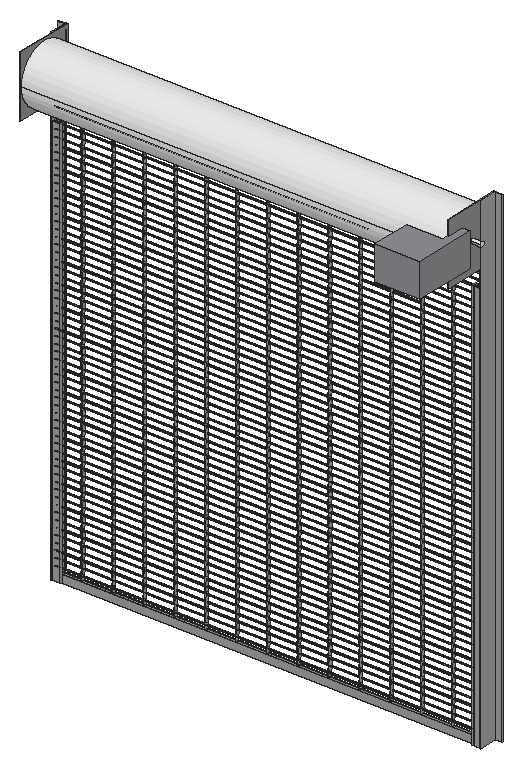
Revit family "Upward-Coiling-Security-Grilles_OHD_Model-670_compact", category Specialty Equipment, host Wall, Revit 2023
Family settings
  Host = Wall
  Round Connector Dimension = Use Diameter
  Part Type = Normal
  OmniClass Number = 23.30.10.21.34
  OmniClass Title = Industrial Doors
  Enable Cutting in Views = No
  Always vertical = Yes
  Cut with Voids When Loaded = Yes
  Maintain Annotation Orientation = No
  Shared = No
  Room Calculation Point = No
Parameters (values of type "115 volts, one phase, 60 Hz (110-120V range)")
  Warning Sign [instance] = if(Calculated Area > 683.00 SF, 1 = 1, 1 = 2)  # no
  Warning (Note) [instance] = if(Warning Sign, "The Door Area is out of the limit; please adjust accordingly. The maximum allowed area is 683 sq. ft.", if(Opening Height > 360", "Headroom Clearance Dimensions - out of the limits. Consult Factory", " "))  # " "
  Wall Thickness [instance] = 6"
  Voltage = 115 V
  Version = "1.00.01"  # constant formula
  True Opening Width [instance] = if(Between Jambs Mounting, Door Width True, Clear Width)  # 120"
  True Opening Height [instance] = if(Between Jambs Mounting, Clear Height + Headroom Height, Clear Height)  # 120"
  M2 Value [instance] = if(Face Of Wall Mounting, 4 3/4", 5 1/2")  # 4 3/4"
  Jamb Offset 2 [instance] = if(Between Jambs Mounting, BJ Displacement Real 2 + G Value, 0")  # 0"
  Door Half 1 [instance] = if(Between Jambs Mounting, Clear Width / 2 + BJ Displacement Real 1 + G Value, Clear Width / 2 + M1 Value)  # 64 3/4"
  Default Elevation = 0"
  Date Updated = "2026/05/29"  # constant formula
  Curtain Type [instance] = if(Curtain Option < 2, "Lattice", if(Curtain Option = 2, "Brick", "Lexan"))  # "Lattice"
  Curtain Option [instance] = 1
  Slat Length [instance] = Clear Width + G Value * 2 - 1" / 2 * 2  # 124"
  Slat Height [instance] = if(Curtain Option < 3, 8", 11 1/2")  # 8"
  Slat [instance] = if(Curtain Option < 2, 1, if(Curtain Option = 2, 2, 3))  # 1
  Product Page URL = "https://www.overheaddoor.com/upward-coiling-security-grilles-670"
  Power Factor = 1
  Powder Coat (Note) = "PowderGuard® Premium powder coat finish options are available in approximately 200 colors as well as custom matching to specification. PowderGuard® Textured finish, a thicker, more scratch resistant coat, is available in 11 colors providing enhanced scratch resistance as well as aiding in hiding the dirt and blemishes that often occur in commercial environments.​"  # constant formula
  Operator Visibility = yes
  Operation (Note) [instance] = "Door could operate by manual push, crank, electrical operator or chain hoist. Manual push up and crank could be used up to 80 sf, for larger door sizes you have to use Chain Hoist operator."  # constant formula
  Opening Width Real [instance] = if(Opening Width > Max Opening Width, Max Opening Width, if(Opening Width < Min Opening Width, Min Opening Width, Opening Width))  # 120"
  Opening Width [instance] = 120"
  Opening Height Real [instance] = if(Opening Height > Max Opening Height, Max Opening Height, if(Opening Height < Min Opening Height, Min Opening Height, Opening Height))  # 120"
  Opening Height [instance] = 120"
  One Array element [instance] = not(Array Vis)  # no
  Number of Poles = 1
  Motor Type [instance] = if(Between Jambs Mounting, if(Motor Option < 2, "CDX", if(Motor Option = 2, "E-Egress", if(Motor Option = 3, "RSX Front of Hood", "RSX Top of Hood"))), if(Motor Option < 2, "CDX", if(Motor Option = 2, "E-Egress", if(Motor Option = 3, "RSX Front of Hood", if(Motor Option = 4, "RSX Top of Hood", if(Motor Option = 5, "RSX Wall Mount", "RSX Bench Mount"))))))  # "CDX"
  Motor Selection (Note) [instance] = "Generic operator shown. Contact Overhead Door when dimensions are critical. "  # constant formula
  Motor Position [instance] = M1 Value - G Value  # 2 1/4"
  Motor Option Real [instance] = if(Between Jambs Mounting, if(Motor Option < 1, 1, if(Motor Option > 4, 4, Motor Option)), if(Motor Option < 1, 1, if(Motor Option > 6, 6, Motor Option)))  # 1
  Motor Option [instance] = 1
  Min Opening Width [instance] = 76"  # constant formula
  Min Opening Height [instance] = 76"  # constant formula
  Max Opening Width [instance] = 364"  # constant formula
  Max Opening Height [instance] = 208"  # constant formula
  M1 Value [instance] = if(Face Of Wall Mounting, 4 3/4", if(Chain Hoist or Manual, 5 1/2", 9 1/2"))  # 4 3/4"
  Lookup BD (A) [instance] = if(or(Opening Height Real < 79", Opening Height Real = 79"), 15", if(or(Opening Height Real < 130", Opening Height Real = 130"), 17", if(or(Opening Height Real < 190", Opening Height Real = 190"), 19", if(or(Opening Height Real < 234", Opening Height Real = 234"), 21", if(or(Opening Height Real < 270", Opening Height Real = 270"), 23", 25")))))  # 17"
  Jamb Offset 1 [instance] = if(Between Jambs Mounting, BJ Displacement Real 1 + G Value, 0")  # 0"
  Installation Real [instance] = if(Between Jambs Mounting, if((Wall Thickness / 2 - Guid Depth / 2) < 0", 0", Wall Thickness / 2 - Guid Depth / 2), Wall Thickness)  # 6"
  Hood Type [instance] = if(Hood Option < 2, "No Hood", if(Hood Option = 2, "Square Hood", if(Hood Option = 3, "Octagon Hood", "Round Hood")))  # "No Hood"
  Hood Option [instance] = 1
  Hood Offset [instance] = if(Chain Hoist or Manual, 3", 5")  # 5"
  Hood Material [instance] = Metal - Overhead Door - Gray
  Hood Height [instance] = [Lookup HH (B)]  # 18"
  Lookup HH (B) [instance] = if(or(Opening Height Real < 79", Opening Height Real = 79"), 16", if(or(Opening Height Real < 130", Opening Height Real = 130"), 18", if(or(Opening Height Real < 190", Opening Height Real = 190"), 20", if(or(Opening Height Real < 234", Opening Height Real = 234"), 22", if(or(Opening Height Real < 270", Opening Height Real = 270"), 24", 26")))))  # 18"
  Headroom Height Real [instance] = [Lookup HH (B)] + Hood Offset  # 23"
  Headroom Height [instance] = if(Between Jambs Mounting, Headroom Height Real, if(Hood Option > 1, Headroom Height Real + 1 1/2", Headroom Height Real))  # 23"
  Guide Type [instance] = if(Between Jambs Mounting, "Angled Between Jambs Z Guide", "Angled Z Guide")  # "Angled Z Guide"
  Guide Option [instance] = if(Between Jambs Mounting, 1, 2)  # 2
  Guid Depth [instance] = if(Between Jambs Mounting, D Value + 1/4", D Value)  # 5 1/2"
  G Value [instance] = 2 1/2"  # constant formula
  Frequency = 60 Hz
  Face of Wall Offset [instance] = if(Between Jambs Mounting, 0", 5")  # 5"
  Face Of Wall Mounting [instance] = not(Between Jambs Mounting)  # yes
  Door Width True [instance] = if(Between Jambs Mounting, Clear Width + BJ Displacement Real 1 + BJ Displacement Real 2 + G Value * 2, Clear Width + M1 Value + M2 Value)  # 129 1/2"
  Door Width (Real) [instance] = if(Between Jambs Mounting, Clear Width, Clear Width + 1" / 2)  # 120 1/2"
  Door Height True [instance] = Clear Height + Headroom Height  # 143"
  Door Height (Real) [instance] = Clear Height + Hood Offset  # 125"
  URL = "https://www.overheaddoor.com/"
  Product data url = "https://www.bimobject.com/overhead-door/product/upward-coiling-security-grilles-670"
  Product Guid = "38fa45e2-4d64-4162-86b7-279b625c2ae0"
  Model = "670"  # constant formula
  Manufacturer = "Overhead Door Corporation"  # constant formula
  Wall Closure = By host
  Floor To (CL) of Shaft [instance] = Clear Height + Hood Height / 2 + Hood Offset  # 134"
  Finish Material = Metal - Overhead Door - Aluminum
  Description = "Model 670 Security Grille"  # constant formula
  D Value [instance] = 5 1/2"  # constant formula
  Curtain Material [instance] = Metal - Overhead Door - Aluminum
  Clear Width [instance] = if(Between Jambs Mounting, Opening Width Real - BJ Displacement Real 1 - BJ Displacement Real 2 - G Value * 2, Opening Width Real)  # 120"
  Clear Height [instance] = if(Between Jambs Mounting, Opening Height Real - Headroom Height, Opening Height Real)  # 120"
  Chain Hoist or Manual = no
  Current = 20 A
  Connector Array Distance = 0"  # constant formula
  Connector Array = if(Chain Hoist or Manual, 2, 3)  # 3
  BimObject_Variable_Connectors = "No"  # constant formula
  Between Jambs Mounting [instance] = no
  Between Jambs Guides Offset 2 [instance] = M2 Value - G Value  # 2 1/4"
  Between Jambs Guides Offset 1 [instance] = M1 Value - G Value  # 2 1/4"
  Bar [instance] = if(and(Hood Option > 1, Face Of Wall Mounting), 1 = 1, 1 = 2)  # no
  Backroom Depth [instance] = [Lookup BD (A)]  # 17"
  BJ Opening Cut [instance] = if(Between Jambs Mounting, Headroom Height, 0")  # 0"
  BJ Displacement Real 2 [instance] = if(Between Jambs Mounting, Between Jambs Guides Offset 2, 0")  # 0"
  BJ Displacement Real 1 [instance] = if(Between Jambs Mounting, Between Jambs Guides Offset 1, 0")  # 0"
  Array Vis [instance] = if(Array < 2, 1 = 2, 1 = 1)  # yes
  Array Real [instance] = if(Array < 2, 2, Array)  # 16
  Array Length [instance] = (Array) * Slat Height  # 128"
  Array [instance] = rounddown(([Door Height (Real)] - 3") / Slat Height) + 1  # 16
  Calculated Area [instance] = [Door Width (Real)] * [Door Height (Real)]  # 104.601 SF
  Apparent Load Phase 3 = if(Number of Poles = 1, 0 VA, (Voltage * Current * sqrt(3)) / 3)  # 0 VA
  Apparent Load Phase 2 = if(Number of Poles = 1, 0 VA, (Voltage * Current * sqrt(3)) / 3)  # 0 VA
  Apparent Load Phase 1 = if(Number of Poles = 1, Voltage * Current, (Voltage * Current * sqrt(3)) / 3)  # 2300 VA
Reference planes (in)
  plane 1 "Center (Front/Back)": y = -14.625
  plane 2 "Center (Left/Right)": x = 0
  plane 3 "Left": x = -60
  plane 4 "Right": x = 60
  plane 5 "Exterior": y = -8.625
  plane 6 "Interior": y = -14.625
  plane 7: x = 64.75
  plane 8: x = -64.75
  plane 9: z = 120
  plane 10 "Main": y = -19.75
  plane 11 "Backroom Depth": y = -32.125
  plane 12 "Main Door Block": y = -15.125
  plane 13 "Bottom Bar": z = 2.75
  plane 14: y = -20.125
  plane 15: z = 130.75
  plane 16: z = 143
  plane 17: z = 125
  plane 18: z = 144.5
  plane 19: z = 0
  plane 20: z = 60
  plane 21: y = -19.625
  plane 22: y = 18.375
  plane 23: y = -41.625
  plane 24 "Headroom Top": z = 143
  plane 25: z = 134
  plane 26: x = 62.5
  plane 27: x = -62.5
  plane 28: z = 122.75
Forms (in)
  Extrusion 1, void
    sketch origin (0, -15.125, 0) x (0, 0, -1) y (-1, 0, 0)
      loop
        line (-120, 60) -> (-120, -60) -> (0, -60) -> (0, 60) -> (-120, 60)
    from 0.5 to 6.5
  Extrusion 2, solid, material "Metal - Overhead Door - Gray" <- "Hood Material", visible <- "Bar"
    sketch origin (0, 0, 0) x (0, 1, 0) y (0, 0, 1)
      loop
        line (-14.875, 143) -> (-14.625, 143) -> (-14.625, 144.5) -> (-14.875, 144.5) -> (-14.875, 143)
    from -62.25 to 62.25
Lines and regions (in)
  symbolic lines, visible <- "Bar"
    curve 1: line (62.25, -14.625, 0) -> (-62.25, -14.625, 0)
    curve 2: line (-62.25, -14.875, 0) -> (62.25, -14.875, 0)
Text (in)
  text "Exterior" at (-74.96733, 27.31104, 0), in view "Ref. Level"
  text "Interior" at (-74.96733, -25.14366, 0), in view "Ref. Level"
  text "Exterior" at (0, 40.15149, 123.01588), in view "Right"
  text "Interior" at (0, -64.39139, 123.01588), in view "Right"
  text "Interior" at (0, -31.01599, 123.00693), in view "Left"
  text "Exterior" at (0, 54.57065, 123.00693), in view "Left"
Dimensions and locks (in)
  equal spacing: plane 3 "Left", plane 2 "Center (Left/Right)", plane 4 "Right"
  "Clear Width": plane 3 "Left" to plane 4 "Right"
  level to host wall = 459.59655"
  "Clear Height": level to plane 9
  plane 7 to plane 8 = 129 1/2"
  locked: plane 13 "Bottom Bar" to level at 2.75
  "Door Width True": plane 7 to plane 8
  "Array Length": plane 15 to plane 13 "Bottom Bar"
  "Backroom Depth": plane 11 "Backroom Depth" to plane 12 "Main Door Block"
  "Hood Height": plane 16 to plane 17
  locked: plane 18 to plane 16 at 1.5
  locked: Extrusion 2 sketch curve to Extrusion 2 sketch curve at 0.25
  "Installation Real": plane 1 "Center (Front/Back)" to plane 5 "Exterior"
  "Wall Thickness": host wall to host wall
  equal spacing: plane 9, plane 20, plane 19
  equal spacing: plane 22, host wall, plane 23
  locked: plane 22 to plane 23 at 60
  "BJ Opening Cut": Extrusion 1 sketch curve to plane 9
  locked: Extrusion 2 sketch curve to Extrusion 2 sketch curve at 1.5
  "Hood Offset": plane 17 to plane 9
  "Headroom Height": plane 24 "Headroom Top" to plane 9
  "Floor To (CL) of Shaft": plane 25 to level
  "Jamb Offset 1": plane 4 "Right" to Extrusion 1 sketch curve
  "Jamb Offset 2": Extrusion 1 sketch curve to plane 3 "Left"
  "Between Jambs Guides Offset 1": plane 7 to plane 26
  "Between Jambs Guides Offset 2": plane 27 to plane 8
  locked: plane 27 to Extrusion 2 at 0.25
  locked: Extrusion 2 to plane 26 at 0.25
  "Guid Depth": plane 14 to plane 1 "Center (Front/Back)"
  "Slat Height": plane 15 to plane 28
  equal spacing: group 1, group 3, group 4, group 5, group 6, group 7, group 8, group 9, group 10, group 11, group 12, group 13, group 14, group 15, group 16, group 2  (x3)
  locked: plane 14 to plane 10 "Main" at 0.375
  locked: plane 14 to plane 21 at 0.5
  "Door Half 1": plane 7 to plane 2 "Center (Left/Right)"
  aligned and locked: plane 5 "Exterior" to host wall
  aligned and locked: host wall to plane 6 "Interior"
  aligned and locked: level to Extrusion 1 sketch curve
  aligned and locked: Extrusion 1 to plane 5 "Exterior"
  aligned and locked: plane 6 "Interior" to Extrusion 1
  aligned and locked: nested 1 to plane 2 "Center (Left/Right)"
  aligned and locked: plane 16 to nested 2
  aligned and locked: nested 1 to level
  aligned and locked: Extrusion 2 sketch curve to plane 18
  aligned and locked: Extrusion 2 sketch curve to plane 6 "Interior"
  aligned and locked: curve 1 to Extrusion 2  (x2)
  aligned and locked: curve 2 to Extrusion 2  (x2)
  aligned and locked: Extrusion 2 to curve 2
  aligned and locked: plane 5 "Exterior" to nested 2
  aligned and locked: level to plane 19
  aligned and locked: nested 1 to plane 1 "Center (Front/Back)"
  aligned and locked: plane 2 "Center (Left/Right)" to nested 3
  aligned and locked: nested 3 to plane 22
  aligned and locked: plane 23 to nested 4
  aligned and locked: nested 4 to plane 2 "Center (Left/Right)"
  aligned and locked: nested 5 to plane 20
  aligned and locked: plane 2 "Center (Left/Right)" to nested 5
  aligned and locked: nested 2 to plane 26
  aligned and locked: plane 13 "Bottom Bar" to nested 6
  aligned and locked: plane 28 to nested 7
  aligned and locked: nested 5 to plane 21
  aligned and locked: nested 6 to plane 10 "Main"
  aligned and locked: nested 7 to plane 10 "Main"
Automatic sketch dimensions
  curve 1 to curve 2 = 0"
Nested families (in)
  nested 1: "Lifts" at (0, -14.625, 0) x (-1, 0, 0) z (0, 0, 1), type "Frame Unit"
    with Square Hood no, Round Hood no, Octagon Hood no
  nested 2: "Motor" at (62.0605, -31.625, 125), visible <- "Operator Visibility", type "Trolley Motor"
    with Not Chain Hoist no, Not Bench + Top yes, Horizontal Mount 0", Vertical Mount 18", Motor Option 1, Hood Mount 6.81", Face+Top no, Face Mount RSX no, Face + Top + Bench no, E-Egress no, Chain V Offset 9", Chain H Offset 0", CH Real no, CDX yes
  nested 3: "Label Annotation 1" at (0, 18.375, 0), visible <- "Warning Sign", type "Label Annotation 1"
  nested 4: "Label Annotation 1" at (0, -41.625, 0) x (-1, 0, 0) z (0, 0, 1), visible <- "Warning Sign", type "Label Annotation 1"
  nested 5: "Warning Sign" at (0, -19.625, 60), visible <- "Warning Sign", type "Warning Sign"
    with Warning Sign no
  nested 6: "670" at (0, -19.75, 2.75), visible <- "Array Vis", type "Standard - Gray"
    with Opening Width 124"
  nested 7: "670" at (0, -19.75, 122.75), visible <- "Array Vis", type "Standard - Gray"
    with Opening Width 124"
  nested 8: "670" at (0, -19.75, 10.75), visible <- "Array Vis", type "Standard - Gray"
    with Opening Width 124"
  nested 9: "670" at (0, -19.75, 18.75), visible <- "Array Vis", type "Standard - Gray"
    with Opening Width 124"
  nested 10: "670" at (0, -19.75, 26.75), visible <- "Array Vis", type "Standard - Gray"
    with Opening Width 124"
  nested 11: "670" at (0, -19.75, 34.75), visible <- "Array Vis", type "Standard - Gray"
    with Opening Width 124"
  nested 12: "670" at (0, -19.75, 42.75), visible <- "Array Vis", type "Standard - Gray"
    with Opening Width 124"
  nested 13: "670" at (0, -19.75, 50.75), visible <- "Array Vis", type "Standard - Gray"
    with Opening Width 124"
  nested 14: "670" at (0, -19.75, 58.75), visible <- "Array Vis", type "Standard - Gray"
    with Opening Width 124"
  nested 15: "670" at (0, -19.75, 66.75), visible <- "Array Vis", type "Standard - Gray"
    with Opening Width 124"
  nested 16: "670" at (0, -19.75, 74.75), visible <- "Array Vis", type "Standard - Gray"
    with Opening Width 124"
  nested 17: "670" at (0, -19.75, 82.75), visible <- "Array Vis", type "Standard - Gray"
    with Opening Width 124"
  nested 18: "670" at (0, -19.75, 90.75), visible <- "Array Vis", type "Standard - Gray"
    with Opening Width 124"
  nested 19: "670" at (0, -19.75, 98.75), visible <- "Array Vis", type "Standard - Gray"
    with Opening Width 124"
  nested 20: "670" at (0, -19.75, 106.75), visible <- "Array Vis", type "Standard - Gray"
    with Opening Width 124"
  nested 21: "670" at (0, -19.75, 114.75), visible <- "Array Vis", type "Standard - Gray"
    with Opening Width 124"
Connectors (in)
  electrical at (65.0485, -30.23077, 135.5698), driven by "Apparent Load Phase 1", driven by "Power Factor", driven by "Voltage", driven by "Apparent Load Phase 2", driven by "Apparent Load Phase 3", driven by "Number of Poles"
    settings: on nested 2, index 1, voltage 115 V, apparent load 0 VA, apparent load phase1 2300 VA, apparent load phase2 0 VA, apparent load phase3 0 VA, power factor 1, load classification "Other", number of poles 1, system type 31, power factor state 1, is connector primary yes, connector utility no, sub classification motor no, connector description "Electrical Connector"
Definition of nested family "Lifts"
  Parameters (values of type "Frame Unit")
    True Width = if(Between Jambs, Opening Width, Opening Width + 1/2")  # 120 1/2"
    Square Hood [instance] = if(Hood Option = 2, 1 = 1, 1 = 2)  # no
    Slat Option = 1
    Round Hood [instance] = if(Hood Option > 3, 1 = 1, 1 = 2)  # no
    Rough Width = 0"
    Rough Height = 0"
    Octagon Hood [instance] = if(Hood Option = 3, 1 = 1, 1 = 2)  # no
    No Hood = if(Hood Option < 2, 1 = 1, 1 = 2)  # yes
    M2 Value = 4 3/4"
    M1 Value = 4 3/4"
    Hood Type = if(Hood Option < 2, "No Hood", if(Hood Option = 2, "Square Hood", if(Hood Option = 3, "Octagon Hood", "Round Hood")))  # "No Hood"
    Hood Option = 1
    Hood Offset = 5"
    Hood Height = Headroom Height Real - Hood Offset  # 18"
    Headroom Height Real = Headroom Height  # 23"
    Half Octagon Side = (Radius Hood * 2 * tan(180.00° / 8)) / 2  # 3.52082"
    Half Hood Height = Headroom Height - Hood Offset  # 18"
    Guide2 Offset = BJ2 Displacement + G Value  # 2 1/2"
    Guide Z2 Wide = if(Between Jambs, Guide2 Offset - G Value + BJ2 Connection Length - BJ2 Displacement * 2 / 3, M2 Value - G Value)  # 2 1/4"
    G Value = 2 1/2"
    E2 Guide Width = if(Between Jambs, Guide2 Offset - G Value + BJ2 Connection Length - BJ2 Displacement * 2 / 3, 3")  # 3"
    E1 Guide Width = if(Between Jambs, Guide1 Offset - G Value + BJ1 Connection Length - BJ1 Displacement * 2 / 3, 3")  # 3"
    E Guide Height = D Value - 1/2"  # 5"
    Z Guide = 1 = 1  # yes
    Slat Material = none
    Shaft Offset = if(Hood Option > 3, (Header Width - (Header Width - Hood Height)) / 2, if(Hood Height < Header Width, (Header Width - (Header Width - Hood Height)) / 2, Header Width / 2))  # 8 1/2"
    Shaft Material = none
    Shaft Length 2 = if(Between Jambs, G Value + BJ2 Displacement, G Value + 3")  # 5 1/2"
    Shaft Length 1 = if(Between Jambs, G Value + BJ1 Displacement, G Value + 3")  # 5 1/2"
    Setback = 0"  # constant formula
    Radius Hood = Shaft Offset  # 8 1/2"
    Opening Width = 120"
    Hood Material = none
    Headroom Height = 23"
    Header Width = 17"
    Opening Height = 120"
    Guide Type = if(Between Jambs, "Angled Between Jambs Z Guide", if(Guide Option > 1, "Angled Z Guide", "Angled E Guide"))  # "Angled Z Guide"
    Guide Option = if(Between Jambs, 1, 2)  # 2
    Guide1 Offset = BJ1 Displacement + G Value  # 2 1/2"
    Guide Z1 Wide = if(Between Jambs, Guide1 Offset - G Value + BJ1 Connection Length - BJ1 Displacement * 2 / 3, M1 Value - G Value)  # 2 1/4"
    Guide Z Height = D Value  # 5 1/2"
    Floor To (CL) of Shaft = 134"
    Finish Material = none
    Face to Wall Mount = not(Between Jambs)  # yes
    E Guide = if(Between Jambs, 1 = 1, 1 = 2)  # no
    Default Elevation = 0"
    D Value = 5 1/2"
    Custom Hood = not(No Hood)  # no
    Between Jambs = no
    BJ2 Displacement = 0"
    BJ2 Connection Length = 1 / 3 * BJ2 Displacement  # 0"
    BJ Position = if(Between Jambs, 1/4", 0")  # 0"
    BJ1 Displacement = 0"
    BJ1 Connection Length = 1 / 3 * BJ1 Displacement  # 0"
    Angled Guide = 1 = 1  # yes
  Reference planes (in)
    plane 1 "Center (Front/Back)": y = 0
    plane 2: z = 0
    plane 3 "Center (Left/Right)": x = 0
    plane 4 "Opening Height": z = 120
    plane 5: x = -65.5
    plane 6: x = 65.5
    plane 7: z = 143
    plane 8: y = 17
    plane 9 "Real Opening 2": x = -60
    plane 10 "Real Opening 1": x = 60
    plane 11: z = 125
    plane 12 "Main": y = 0
    plane 13: z = 134
    plane 14: y = 8.5
    plane 15: x = 62.5
    plane 16: x = -62.5
    plane 17: x = -62.5
    plane 18: x = 62.5
    plane 19: y = 5.5
    plane 20: x = -62.25
    plane 21: x = 62.25
    plane 22: y = 8.5
    plane 23: z = 144.5
    plane 24: y = 5.5
    plane 25: y = 4.75
    plane 26: y = 5.5
    plane 27: y = 4.75
    plane 28: y = 8.5
  Forms (in)
    Extrusion 1, solid, material <- "Slat Material"
      sketch origin (0, 0, 0) x (0, 1, 0) y (0, 0, 1)
        loop
          line (5, 2.375) -> (5, 2.75) -> (4.5, 2.75) -> (4.5, 2.375) -> (5, 2.375)
      from -62.25 to 62.25
    Extrusion 2, solid, material <- "Slat Material"
      sketch origin (0, 0, 0) x (0, 1, 0) y (0, 0, 1)
        loop
          line (5, 2.375) -> (4.5, 2.375) -> (4.5, 0) -> (5, 0) -> (5, 2.375)
      from -62.25 to 62.25
    Extrusion 3, solid, material <- "Shaft Material"
      sketch origin (0, -5.35201, 0) x (0, 1, 0) y (0, 0, 1)
        loop
          circle (13.85201, 134) r 0.6
      from -65.5 to 65.5
    Extrusion 4, solid, material <- "Hood Material", visible <- "Square Hood"
      sketch origin (0, 0, 0) x (0, 1, 0) y (0, 0, 1)
        loop
          line (0, 125) -> (17, 125) -> (17, 143) -> (0, 143) -> (0, 125)
      from -62.25 to 62.25
    Extrusion 5, solid, material <- "Hood Material", visible <- "Round Hood"
      sketch origin (0, 0, 0) x (0, 1, 0) y (0, 0, 1)
        loop
          line (0, 143) -> (0, 125) -> (8.5, 125)
          arc (8.5, 125) -> (17.5, 134) -> (8.5, 143) r 9
          line (8.5, 143) -> (0, 143)
      from -62.25 to 62.25
    Extrusion 6, solid, material <- "Finish Material", visible <- "E Guide"
      sketch origin (0, 0, 0) x (1, 0, 0) y (0, 1, 0)
        loop
          line (59.5, 0) -> (62.312, 0)
          arc (62.312, 0) -> (62.44494, 0.05506) -> (62.5, 0.188) r 0.188
          line (62.5, 0.188) -> (62.5, 5) -> (62.25, 5) -> (62.25, 0.25) -> (59.5, 0.25) -> (59.5, 0)
        loop
          line (-59.5, 0) -> (-59.5, 0.25) -> (-62.25, 0.25) -> (-62.25, 5) -> (-62.5, 5) -> (-62.5, 0.188)
          arc (-62.5, 0.188) -> (-62.44494, 0.05506) -> (-62.312, 0) r 0.188
          line (-62.312, 0) -> (-59.5, 0)
      from 0 to 143
    Extrusion 7, solid, material <- "Finish Material", visible <- "Z Guide"
      sketch origin (0, 0, 0) x (1, 0, 0) y (0, 1, 0)
        loop
          line (64.75, 0) -> (64.75, 0.25) -> (62.75, 0.25) -> (62.75, 5.5) -> (62.5, 5.5) -> (62.5, 0.188)
          arc (62.5, 0.188) -> (62.55506, 0.05506) -> (62.688, 0) r 0.188
          line (62.688, 0) -> (64.75, 0)
        loop
          line (-64.75, 0) -> (-62.688, 0)
          arc (-62.688, 0) -> (-62.55506, 0.05506) -> (-62.5, 0.188) r 0.188
          line (-62.5, 0.188) -> (-62.5, 5.5) -> (-62.75, 5.5) -> (-62.75, 0.25) -> (-64.75, 0.25) -> (-64.75, 0)
      from 0 to 143
    Extrusion 8, solid, material <- "Finish Material", visible <- "Angled Guide"
      sketch origin (0, 0, 0) x (1, 0, 0) y (0, 1, 0)
        loop
          line (60, 5.5) -> (60, 5) -> (60.5625, 5) -> (60.5625, 5.3125) -> (62.3125, 5.3125) -> (62.3125, 4.1875) -> (60.5625, 4.1875) -> (60.5625, 4.5) -> (60, 4.5) -> (60, 4) -> (62.5, 4) -> (62.5, 5.5) -> (60, 5.5)
        loop
          line (-60, 5.5) -> (-62.5, 5.5) -> (-62.5, 4) -> (-60, 4) -> (-60, 4.5) -> (-60.5625, 4.5) -> (-60.5625, 4.1875) -> (-62.3125, 4.1875) -> (-62.3125, 5.3125) -> (-60.5625, 5.3125) -> (-60.5625, 5) -> (-60, 5) -> (-60, 5.5)
      from 0 to 120
    Extrusion 9, solid, material <- "Hood Material"
      sketch origin (0, 0, 0) x (-1, 0, 0) y (0, 0, 1)
        loop
          line (62.25, 125) -> (62.5, 125) -> (62.5, 143) -> (62.25, 143) -> (62.25, 125)
        loop
          line (-62.5, 125) -> (-62.25, 125) -> (-62.25, 143) -> (-62.5, 143) -> (-62.5, 125)
      from 0 to 17
    Extrusion 10, solid, material <- "Shaft Material", visible <- "No Hood"
      sketch origin (0, 0, 0) x (0, 1, 0) y (0, 0, 1)
        loop
          circle (8.5, 134) r 8.5
      from -62.25 to 62.25
    Extrusion 11, solid, material <- "Hood Material", visible <- "Octagon Hood"
      sketch origin (0, 0, 0) x (0, 1, 0) y (0, 0, 1)
        loop
          line (0, 143) -> (0, 125) -> (12.02082, 125) -> (17, 130.47918) -> (17, 137.52082) -> (12.02082, 143) -> (0, 143)
      from -62.25 to 62.25
  Lines and regions (in)
    Masking region 1
      outline origin (0, 0, 0) x (1, 0, 0) y (0, 1, 0)
        loop
          line (65.5, 9.1) -> (62.5, 9.1) -> (62.5, 7.9) -> (65.5, 7.9) -> (65.5, 9.1)
        loop
          line (-65.5, 7.9) -> (-62.5, 7.9) -> (-62.5, 9.1) -> (-65.5, 9.1) -> (-65.5, 7.9)
    Masking region 2, visible <- "Z Guide"
      outline origin (0, 0, 0) x (1, 0, 0) y (0, 1, 0)
        loop
          line (-62.5, 0.188) -> (-62.5, 5.5) -> (-62.75, 5.5) -> (-62.75, 0.25) -> (-64.75, 0.25) -> (-64.75, 0) -> (-62.688, 0)
          arc (-62.688, 0) -> (-62.55506, 0.05506) -> (-62.5, 0.188) r 0.188
        loop
          line (62.5, 5.5) -> (62.5, 0.188)
          arc (62.5, 0.188) -> (62.55506, 0.05506) -> (62.688, 0) r 0.188
          line (62.688, 0) -> (64.75, 0) -> (64.75, 0.25) -> (62.75, 0.25) -> (62.75, 5.5) -> (62.5, 5.5)
    Masking region 3, visible <- "E Guide"
      outline origin (0, 0, 0) x (1, 0, 0) y (0, 1, 0)
        loop
          line (62.5, 0.188) -> (62.5, 5) -> (62.25, 5) -> (62.25, 0.25) -> (59.5, 0.25) -> (59.5, 0) -> (62.312, 0)
          arc (62.312, 0) -> (62.44494, 0.05506) -> (62.5, 0.188) r 0.188
        loop
          line (-62.25, 0.25) -> (-62.25, 5) -> (-62.5, 5) -> (-62.5, 0.188)
          arc (-62.5, 0.188) -> (-62.44494, 0.05506) -> (-62.312, 0) r 0.188
          line (-62.312, 0) -> (-59.5, 0) -> (-59.5, 0.25) -> (-62.25, 0.25)
    Masking region 4, visible <- "No Hood"
      outline origin (0, 0, 0) x (1, 0, 0) y (0, 1, 0)
        loop
          line (-62.25, 17) -> (-62.25, 0) -> (62.25, 0) -> (62.25, 17) -> (-62.25, 17)
    Masking region 5, visible <- "Custom Hood"
      outline origin (0, 0, 0) x (1, 0, 0) y (0, 1, 0)
        loop
          line (-62.25, 17) -> (-62.25, 0) -> (62.25, 0) -> (62.25, 17) -> (-62.25, 17)
    Masking region 6
      outline origin (0, 0, 0) x (1, 0, 0) y (0, 1, 0)
        loop
          line (-62.5, 17) -> (-62.5, 0) -> (-62.25, 0) -> (-62.25, 17) -> (-62.5, 17)
        loop
          line (62.25, 17) -> (62.25, 0) -> (62.5, 0) -> (62.5, 17) -> (62.25, 17)
    symbolic lines
      curve 1: line (-62.25, 0, 0) -> (-62.25, 17, 0)
      curve 2: line (62.25, 17, 0) -> (62.25, 0, 0)
    symbolic lines, visible <- "Octagon Hood"
      curve 3: line (-62.25, 12.02082, 0) -> (62.25, 12.02082, 0)
  Dimensions and locks (in)
    Extrusion 1 sketch curve to level = 2 3/8"
    locked: Extrusion 1 sketch curve to Extrusion 1 sketch curve at 0.5
    locked: Extrusion 2 sketch curve to level at 2.375
    "Headroom Height Real": plane 7 to plane 4 "Opening Height"
    plane 8 to plane 1 "Center (Front/Back)" = 17"
    "Radius Hood": Extrusion 5 sketch curve to plane 8
    "Opening Height": plane 4 "Opening Height" to level
    "Hood Offset": plane 11 to plane 4 "Opening Height"
    "BJ Position": plane 12 "Main" to plane 1 "Center (Front/Back)"
    "Header Width": plane 12 "Main" to plane 8
    "Floor To (CL) of Shaft": plane 13 to level
    "Shaft Offset": Extrusion 3 sketch curve to plane 8
    locked: Extrusion 2 sketch curve to Extrusion 2 sketch curve at 0.5
    "Shaft Offset": plane 8 to plane 14
    locked: Masking region 1 sketch curve to Masking region 1 sketch curve at 1.2
    locked: Masking region 1 sketch curve to plane 14 at 0.6
    "Guide2 Offset": plane 10 "Real Opening 1" to plane 15
    "Guide1 Offset": plane 16 to plane 9 "Real Opening 2"
    locked: Extrusion 6 sketch curve to Extrusion 6 sketch curve at 0.25  (x4)
    "E Guide Height": Extrusion 6 sketch curve to Extrusion 6 sketch curve  (x2)
    "E2 Guide Width": Extrusion 6 sketch curve to Extrusion 6 sketch curve
    "E1 Guide Width": Extrusion 6 sketch curve to Extrusion 6 sketch curve
    locked: Extrusion 7 sketch curve to Extrusion 7 sketch curve at 0.25  (x4)
    "Guide Z2 Wide": Extrusion 7 sketch curve to Extrusion 7 sketch curve
    "Guide Z Height": Extrusion 7 sketch curve to Extrusion 7 sketch curve  (x2)
    "Guide Z1 Wide": Extrusion 7 sketch curve to Extrusion 7 sketch curve
    "G Value": Extrusion 7 sketch curve to plane 9 "Real Opening 2"
    "G Value": plane 10 "Real Opening 1" to Extrusion 7 sketch curve
    "G Value": plane 10 "Real Opening 1" to plane 18
    "G Value": plane 17 to plane 9 "Real Opening 2"
    "Shaft Length 1": plane 5 to plane 9 "Real Opening 2"
    "Shaft Length 2": plane 6 to plane 10 "Real Opening 1"
    locked: Extrusion 2 to plane 18 at 0.25
    locked: Extrusion 2 to plane 17 at 0.25
    locked: plane 17 to plane 20 at 0.25
    locked: plane 21 to plane 18 at 0.25
    "Shaft Offset": Extrusion 10 sketch curve to plane 8
    plane 13 to plane 11 = 9"
    plane 7 to plane 13 = 9"
    "Shaft Offset": plane 22 to plane 8
    "Half Octagon Side": Extrusion 11 sketch curve to plane 13
    "Half Octagon Side": plane 13 to Extrusion 11 sketch curve
    "Half Octagon Side": plane 22 to Extrusion 11 sketch curve  (x2)
    equal spacing: plane 9 "Real Opening 2", plane 3 "Center (Left/Right)", plane 10 "Real Opening 1"
    "Opening Width": plane 9 "Real Opening 2" to plane 10 "Real Opening 1"
    locked: plane 23 to plane 7 at 1.5
    "D Value": plane 1 "Center (Front/Back)" to plane 19
    "D Value": plane 24 to plane 1 "Center (Front/Back)"
    locked: plane 24 to plane 25 at 0.75
    equal spacing: Extrusion 1 sketch curve, plane 25, Extrusion 1 sketch curve
    "D Value": plane 26 to plane 1 "Center (Front/Back)"
    locked: plane 26 to plane 27 at 0.75
    equal spacing: Extrusion 2 sketch curve, plane 27, Extrusion 2 sketch curve
    locked: Extrusion 8 sketch curve to Extrusion 8 sketch curve at 0.5  (x4)
    locked: Extrusion 8 sketch curve to Extrusion 8 sketch curve at 1.5  (x2)
    locked: Extrusion 8 sketch curve to Extrusion 8 sketch curve at 0.5625  (x2)
    locked: Extrusion 8 sketch curve to Extrusion 8 sketch curve at 0.1875  (x6)
    "Setback": Extrusion 8 sketch curve to plane 9 "Real Opening 2"
    "G Value": Extrusion 8 sketch curve to Extrusion 8 sketch curve  (x2)
    "Setback": plane 10 "Real Opening 1" to Extrusion 8 sketch curve
    "Shaft Offset": plane 8 to plane 28
    "Radius Hood": plane 28 to Masking region 4 sketch curve
    "Radius Hood": radius of Extrusion 10 sketch curve
    locked: Extrusion 7 sketch curve to Extrusion 7 sketch curve (radius 0.188")  (x2)
    locked: Extrusion 6 sketch curve to Extrusion 6 sketch curve (radius 0.188")  (x2)
    aligned and locked: plane 2 to level
    aligned and locked: plane 5 to Extrusion 3
    aligned and locked: Extrusion 3 to plane 6
    aligned and locked: Extrusion 4 sketch curve to plane 7
    aligned and locked: Extrusion 4 sketch curve to plane 8
    aligned and locked: Extrusion 5 sketch curve to plane 7
    aligned and locked: plane 13 to Extrusion 3 sketch curve
    aligned and locked: plane 5 to Masking region 1 sketch curve
    aligned and locked: plane 6 to Masking region 1 sketch curve
    aligned and locked: Masking region 1 sketch curve to Masking region 1 sketch curve  (x2)
    aligned and locked: plane 12 "Main" to Extrusion 6 sketch curve  (x2)
    aligned and locked: Extrusion 6 sketch curve to plane 15
    aligned and locked: plane 16 to Extrusion 6 sketch curve
    aligned and locked: Extrusion 7 sketch curve to plane 1 "Center (Front/Back)"  (x2)
    aligned and locked: plane 4 "Opening Height" to Extrusion 8
    aligned and locked: Extrusion 5 sketch curve to plane 12 "Main"
    aligned and locked: plane 12 "Main" to Extrusion 4 sketch curve
    aligned and locked: Extrusion 9 sketch curve to plane 11  (x2)
    aligned and locked: Extrusion 9 sketch curve to plane 7  (x2)
    aligned and locked: plane 17 to Extrusion 9 sketch curve
    aligned and locked: Extrusion 9 sketch curve to plane 18
    aligned and locked: Extrusion 2 to Extrusion 1
    aligned and locked: Extrusion 1 to Extrusion 2
    aligned and locked: Extrusion 9 to curve 1
    aligned and locked: Extrusion 9 to curve 2
    aligned and locked: plane 18 to Masking region 1 sketch curve
    aligned and locked: Masking region 1 sketch curve to plane 17
    aligned and locked: plane 20 to Extrusion 9 sketch curve
    aligned and locked: plane 21 to Extrusion 9 sketch curve
    aligned and locked: plane 20 to Extrusion 4
    aligned and locked: plane 20 to Extrusion 5
    aligned and locked: Extrusion 4 to plane 21
    aligned and locked: Extrusion 5 to plane 21
    aligned and locked: plane 13 to Extrusion 10 sketch curve
    aligned and locked: Extrusion 11 sketch curve to plane 12 "Main"
    aligned and locked: Extrusion 11 sketch curve to plane 7
    aligned and locked: Extrusion 11 sketch curve to plane 11
    aligned and locked: Extrusion 11 sketch curve to plane 8
    aligned and locked: Extrusion 11 to plane 20
    aligned and locked: Extrusion 11 to plane 21
    aligned and locked: plane 20 to Extrusion 10
    aligned and locked: Extrusion 10 to plane 21
    aligned and locked: plane 8 to Extrusion 9
    aligned and locked: Extrusion 11 to curve 3
    aligned and locked: plane 20 to curve 3
    aligned and locked: plane 21 to curve 3
    aligned and locked: plane 7 to Extrusion 7
    aligned and locked: plane 7 to Extrusion 6
    aligned and locked: Extrusion 4 sketch curve to plane 11
    aligned and locked: Extrusion 5 sketch curve to plane 11
    aligned and locked: Extrusion 8 sketch curve to Extrusion 8 sketch curve  (x4)
    aligned and locked: Extrusion 8 sketch curve to plane 19
    aligned and locked: plane 19 to Extrusion 8 sketch curve
    aligned and locked: Masking region 2 sketch curve to Extrusion 7  (x12)
    aligned and locked: Masking region 3 sketch curve to Extrusion 6  (x12)
    aligned and locked: Masking region 4 sketch curve to Extrusion 10  (x2)
    aligned and locked: plane 8 to Masking region 4 sketch curve
    aligned and locked: Masking region 5 sketch curve to Extrusion 4  (x4)
    aligned and locked: Masking region 6 sketch curve to Extrusion 9  (x8)
  Automatic sketch dimensions
    plane 1 "Center (Front/Back)" to curve 2 = 0"
    curve 1 to plane 1 "Center (Front/Back)" = 0"
    curve 2 to plane 8 = 0"
    curve 1 to plane 8 = 0"
    Extrusion 1 sketch curve to Extrusion 1 sketch curve = 3/8"
    Extrusion 2 sketch curve to level = 0"
    radius of Extrusion 3 sketch curve = 0.6"
Definition of nested family "Motor"
  Parameters (values of type "Trolley Motor")
    Wall Mount RSX = if(Chain Hoist, 1 = 2, if(Motor Option = 5, 1 = 1, 1 = 2))  # no
    Top Mount RSX = if(Chain Hoist, 1 = 2, if(Motor Option = 4, 1 = 1, 1 = 2))  # no
    Shaft Material = none
    Real Exterior Wall Offset = if(Wall Mount RSX, Displacement, Exterior Wall Offset)  # 6"
    Not Chain Hoist = not(or(CDX, Chain Hoist))  # yes
    Not Bench + Top = not(or([E-Egress], Top Mount RSX, Chain Hoist, Bench Mount RSX))  # no
    Horizontal Mount = if(or([E-Egress], Face Mount RSX), 5.08" + 0.12" + 2.38", if(Top Mount RSX, 11.19", if(Wall Mount RSX, 5.08", if(Bench Mount RSX, 4.77" + if(or(Hood Width < 14", Hood Width = 14"), 6.13", if(or(Hood Width < 16", Hood Width = 16"), 4.13", 3 1/4")), 0"))))  # 7.58"
    Not Fire King = if(Chain Hoist, 1 = 2, not(Chain Hoist))  # yes
    Vertical Mount = if(or([E-Egress], Face Mount RSX), 11.07" + Hood Height / 2, if(Top Mount RSX, 14.92" - 0.13" - 2.38", if(Wall Mount RSX, 20.03" + 6" + Hood Height / 2, if(Bench Mount RSX, 20" + 2.29" + Hood Height / 2, Hood Height))))  # 20.07"
    Motor Type = if(BJ, if(Motor Option < 2, "CDX", if(Motor Option = 2, "E-Egress", if(Motor Option = 3, "RSX Front of Hood", "RSX Top of Hood"))), if(Motor Option < 2, "CDX", if(Motor Option = 2, "E-Egress", if(Motor Option = 3, "RSX Front of Hood", if(Motor Option = 4, "RSX Top of Hood", if(Motor Option = 5, "RSX Wall Mount", "RSX Bench Mount"))))))  # "E-Egress"
    Motor Option = 2
    Main Material = none
    Hood Width Real = if(Wall Mount RSX, 0", if(Chain Hoist, if(Hood Height < Hood Width, (Hood Width + (Hood Width - Hood Height)) / 2, Hood Width / 2), Hood Width))  # 17"
    Hood Width = 17"
    Hood Material = none
    Hood Height = 18"
    Hood Mount = if(or([E-Egress], Face Mount RSX, Top Mount RSX), 0.37", if(Wall Mount RSX, if(BJ, 12.24" + BJ Displacement, 14.74"), if(Bench Mount RSX, 14.49", if(CDX, 6.81", 4.26"))))  # 0.37"
    Floor To Cl Shaft = 134"
    Fire King RHX = 1 = 2  # no
    Top Option Offset = if(or(Top Mount RSX, Bench Mount RSX), 20", 0")  # 0"
    Face+Top = if(Chain Hoist, 1 = 2, if(or(Face Mount RSX, Top Mount RSX), 1 = 1, 1 = 2))  # yes
    Face Mount RSX = if(Chain Hoist, 1 = 2, if(or(Motor Option = 2, Motor Option = 3), 1 = 1, 1 = 2))  # yes
    Top + Bench = if(Chain Hoist, 1 = 2, if(or(Top Mount RSX, Bench Mount RSX), 1 = 1, 1 = 2))  # no
    Face + Top + Bench = if(Chain Hoist, 1 = 2, if(or(Face Mount RSX, Top Mount RSX, Bench Mount RSX), 1 = 1, 1 = 2))  # yes
    Exterior Wall Offset = 6"
    E-Egress = if(Chain Hoist, 1 = 2, if(Motor Option = 2, 1 = 1, 1 = 2))  # yes
    Displacement = 6"
    Default Elevation = 48"
    Chain V Offset = if(or([E-Egress], Face Mount RSX, Wall Mount RSX), 6.53", if(or(Top Mount RSX, Bench Mount RSX), 18.81", Hood Height / 2))  # 6.53"
    Chain H Offset = if(or(Face Mount RSX, Wall Mount RSX), 1.19", if(or(Top Mount RSX, Bench Mount RSX), 6.53", 0"))  # 1.19"
    Chain Hoist = no
    CH Real = not(CDX)  # yes
    CDX = if(Chain Hoist, 1 = 2, if(Motor Option < 2, 1 = 1, 1 = 2))  # no
    Bench Mount RSX = if(Chain Hoist, 1 = 2, if(Motor Option > 5, 1 = 1, 1 = 2))  # no
    BJ Displacement = 0"
    BJ = no
    Angle = if(or(Bench Mount RSX, Top Mount RSX), 90.00°, 180.00°)  # 180.00°
  Reference planes (in)
    plane 1 "Center (Front/Back)": y = 0
    plane 2: z = 0
    plane 3 "Center (Left/Right)": x = 0
    plane 4: y = 0
    plane 5: y = 1.19
    plane 6: z = -127.47
    plane 7: z = -97.47
    plane 8: z = 6.53
    plane 9 "Chain Hoist": z = 6.53
    plane 10 "Top Of Hood": z = 20.07
    plane 11: y = 7.58
    plane 12: z = 0
    plane 13 "Hood Face": x = 6.8795
    plane 14: x = 7.2495
    plane 15: y = 24.58
    plane 16 "Wall": y = 30.58
  Forms (in)
    Extrusion 1, solid, material <- "Main Material", visible <- "Not Chain Hoist"
      sketch origin (0, 0, 18.8898) x (1, 0, 0) y (0, 1, 0)
        loop
          line (-4.134, -2.41307) -> (4.116, -2.41307) -> (4.116, -2.29347) -> (3.108, -2.29347)
          arc (3.108, -2.29347) -> (3.02315, -2.25832) -> (2.988, -2.17347) r 0.12
          line (2.988, -2.17347) -> (2.988, 4.96193) -> (-2.988, 4.96193) -> (-2.988, -2.17347)
          arc (-2.988, -2.17347) -> (-3.02315, -2.25832) -> (-3.108, -2.29347) r 0.12
          line (-3.108, -2.29347) -> (-4.134, -2.29347) -> (-4.134, -2.41307)
      from -16.64 to 0
    Extrusion 2, solid, material <- "Main Material", visible <- "Not Chain Hoist"
      sketch origin (0, 0, 18.8898) x (1, 0, 0) y (0, 1, 0)
        loop
          line (-4.134, -2.41307) -> (-4.134, -5.05565) -> (-4.3324, -5.05565) -> (-4.3324, -5.3122)
          arc (-4.3324, -5.3122) -> (-4.24466, -5.55085) -> (-4.02324, -5.67585) r 0.36846
          arc (-4.02324, -5.67585) -> (0, -6.0017) -> (4.02324, -5.67585) r 25
          arc (4.02324, -5.67585) -> (4.24466, -5.55085) -> (4.3324, -5.3122) r 0.36846
          line (4.3324, -5.3122) -> (4.3324, -5.05565) -> (4.116, -5.05565) -> (4.116, -2.41307) -> (-4.134, -2.41307)
      from -17 to 0.35839
    Revolve 3, solid, material <- "Main Material", visible <- "Not Chain Hoist"
      sketch origin (2.0828, 5.66524, 0) x (0, -1, 0) y (1, 0, 0)
        loop
          line (5.66524, -9.0813) -> (5.66524, 3.1162) -> (4.82413, 3.1162) -> (4.82413, 2.7162) -> (4.39283, 2.7162) -> (4.39283, 2.4872) -> (2.50257, 2.4872) -> (2.50257, -6.6585) -> (3.79863, -6.6585) -> (3.79863, -7.51105) -> (3.89778, -7.6102) -> (5.36033, -7.6102) -> (5.36033, -7.8313) -> (4.69783, -7.8313) -> (4.69783, -9.0813) -> (5.66524, -9.0813)
        axis (5.66524, -9.0813) -> (5.66524, 3.1162)
      angle from 0 to 360
    Extrusion 4, solid, material <- "Main Material", visible <- "Wall Mount RSX"
      sketch origin (0, 0, 18.8898) x (1, 0, 0) y (0, 1, 0)
        loop
          line (-2.988, 5.08193) -> (-4.988, 5.08193) -> (-4.988, 4.96193) -> (-3.108, 4.96193) -> (-3.108, 1.46193) -> (-2.988, 1.46193) -> (-2.988, 5.08193)
        loop
          line (2.988, 5.08193) -> (2.988, 1.46193) -> (3.108, 1.46193) -> (3.108, 4.96193) -> (4.988, 4.96193) -> (4.988, 5.08193) -> (2.988, 5.08193)
      from -16.64 to 1.14
    Extrusion 5, solid, material <- "Main Material", visible <- "CH Real"
      sketch origin (0, 0.00141, 3.59957) x (0, 0, 1) y (0, -1, 0)
        loop
          circle (2.93043, -1.18859) r 3
      from 7.52 to 7.2495
    Sweep 6, solid, material <- "Main Material", visible <- "CH Real"
      path origin (7.38475, 9.53, 48) x (0, 1, 0) y (0, 0, 1)
        loop
          line (-11.34, -41.47) -> (-11.34, -145.47)
          arc (-11.34, -145.47) -> (-8.34, -148.47) -> (-5.34, -145.47) r 3
          line (-5.34, -145.47) -> (-5.34, -41.47)
      profile origin (7.38475, -1.81, -45.47) x (1, 0, 0) y (0, 1, 0)
        loop
          circle (0, 0.1) r 0.1
    Extrusion 7, solid, material <- "Main Material", visible <- "CH Real"
      sketch origin (0, 0.00141, 3.59957) x (0, 0, 1) y (0, -1, 0)
        loop
          circle (2.93043, -1.18859) r 0.4
      from 8.82 to 0
    Extrusion 8, solid, material <- "Main Material", visible <- "Face+Top"
      sketch origin (0, 0, 18.8898) x (1, 0, 0) y (0, 1, 0)
        loop
          line (7.2495, 5.08193) -> (7.2495, 9.82193) -> (7.1295, 9.82193) -> (7.1295, 5.20193) -> (-2.988, 5.20193) -> (-2.988, 5.08193) -> (7.2495, 5.08193)
      from -12.32 to -4.32
    Extrusion 9, solid, material <- "Main Material", visible <- "Face + Top + Bench"
      sketch origin (0.25, 0, 18.8898) x (1, 0, 0) y (0, 1, 0)
        loop
          line (-3.358, 5.08193) -> (-3.358, 1.46193) -> (-3.238, 1.46193) -> (-3.238, 4.96193) -> (-1.238, 4.96193) -> (-1.238, 5.08193) -> (-3.358, 5.08193)
        loop
          line (2.858, 5.08193) -> (0.738, 5.08193) -> (0.738, 4.96193) -> (2.738, 4.96193) -> (2.738, 1.46193) -> (2.858, 1.46193) -> (2.858, 5.08193)
      from -16.64 to 1.14
    Extrusion 10, solid, material <- "Main Material", visible <- "Face+Top"
      sketch origin (0, 0, 0) x (0, 0, 1) y (0, -1, 0)
        loop
          line (15.5698, -5.33193) -> (6.5698, -5.33193) -> (6.5698, -9.82193) -> (15.5698, -9.82193) -> (15.5698, -5.33193)
      from 6.8795 to 7.1295
    Extrusion 11, solid, material <- "Main Material", visible <- "Bench Mount RSX"
      sketch origin (0, 0, 18.8898) x (1, 0, 0) y (0, 1, 0)
        loop
          line (-6.9985, 5.08193) -> (3.108, 5.08193) -> (3.108, 5.20193) -> (-7.1205, 5.20193) -> (-7.1205, 1.33693) -> (-6.9985, 1.33693) -> (-6.9985, 5.08193)
      from -10.78 to -1.46
    Extrusion 12, solid, material <- "Main Material", visible <- "Bench Mount RSX"
      sketch origin (0, 0, 0) x (0, 0, 1) y (0, -1, 0)
        loop
          line (8.2698, -1.46193) -> (8.2698, -4.96193) -> (17.2698, -4.96193) -> (17.2698, -1.46193) -> (8.2698, -1.46193)
      from -7.24 to -7.1205
    Extrusion 13, solid, material <- "Hood Material", visible <- "CDX"
      sketch origin (2.988, 0, 6.53) x (0, -1, 0) y (1, 0, 0)
        loop
          line (13.5, -6.68168) -> (13.5, 6.44332) -> (-4.7, 6.44332) -> (-4.7, 3.8915) -> (2, 3.8915) -> (2, -6.68168) -> (13.5, -6.68168)
      from 4.88 to -4.88
  Lines and regions (in)
    Masking region 1, visible <- "CDX"
      outline origin (0, 0, 0) x (1, 0, 0) y (0, 1, 0)
        loop
          line (-3.69368, -2) -> (-3.69368, -13.5) -> (9.43132, -13.5) -> (9.43132, 4.7) -> (6.8795, 4.7) -> (6.8795, -2) -> (-3.69368, -2)
    reference lines
      curve 1: line (0, 0, 0) -> (0, 0, 18.8898)
  Dimensions and locks (in)
    Extrusion 4 sketch curve to Extrusion 4 sketch curve = 3.62"
    locked: Extrusion 4 sketch curve to Extrusion 4 sketch curve at 0.12  (x3)
    "Chain H Offset": plane 4 to plane 5
    locked: plane 7 to plane 6 at 30
    locked: Sweep 6 sketch curve to profile plane at 0
    locked: profile plane to Sweep 6 sketch curve at 0.1
    locked: Sweep 6 sketch curve to Sweep 6 sketch curve at 6
    "Floor To Cl Shaft": plane 8 to plane 6
    "Horizontal Mount": plane 1 "Center (Front/Back)" to plane 11
    Extrusion 9 sketch curve to Extrusion 9 sketch curve = 3.62"
    locked: Extrusion 9 sketch curve to Extrusion 9 sketch curve at 0.12  (x3)
    "Top Option Offset": level to plane 12
    "Chain V Offset": plane 9 "Chain Hoist" to plane 12
    equal spacing: Sweep 6 sketch curve, plane 5, Sweep 6 sketch curve
    "Vertical Mount": plane 10 "Top Of Hood" to plane 12
    locked: Extrusion 2 sketch curve to Extrusion 2 sketch curve at 8.25
    locked: Extrusion 2 sketch curve to Extrusion 2 sketch curve at 2.64258
    locked: plane 3 "Center (Left/Right)" to plane 14 at 7.2495
    "Hood Mount": plane 13 "Hood Face" to plane 14
    locked: Extrusion 8 sketch curve to Extrusion 8 sketch curve at 0.12  (x2)
    locked: Extrusion 8 sketch curve to curve 1 at 5.08193
    "Hood Width Real": plane 11 to plane 15
    "Real Exterior Wall Offset": plane 15 to plane 16 "Wall"
    locked: Extrusion 8 sketch curve to Extrusion 8 sketch curve at 4.62
    Revolve 3 sketch curve to Revolve 3 sketch curve to Revolve 3 sketch curve to Revolve 3 sketch curve to Revolve 3 sketch curve to Revolve 3 sketch curve to Revolve 3 sketch curve = 1 1/4" locked, 0.2211" locked, 0.9517" locked, 9.1457" locked, 0.229" locked, 0.4" locked
    Revolve 3 sketch curve to Revolve 3 sketch curve to Revolve 3 sketch curve to Revolve 3 sketch curve to Revolve 3 sketch curve to Revolve 3 sketch curve to Revolve 3 sketch curve to Revolve 3 sketch curve = 0.30491" locked, 0.53619" locked, 0.12631" locked, 0.305" locked, 0.49505" locked, 0.09915" locked, 1.29606" locked
    locked: Extrusion 1 sketch curve to Extrusion 1 sketch curve at 0.1196
    locked: Extrusion 1 sketch curve to Extrusion 1 sketch curve at 5.976
    equal spacing: Extrusion 1 sketch curve, curve 1, Extrusion 1 sketch curve
    locked: curve 1 to Extrusion 1 sketch curve at 2.41307
    locked: Extrusion 1 sketch curve to Extrusion 1 sketch curve at 7.375
    locked: Extrusion 9 sketch curve to curve 1 at 1.46193
    equal spacing: Extrusion 4 sketch curve, curve 1, Extrusion 4 sketch curve
    locked: Extrusion 4 sketch curve to curve 1 at 1.46193
    locked: Extrusion 10 sketch curve to Extrusion 10 sketch curve at 4.49
    locked: Extrusion 10 sketch curve to Extrusion 10 sketch curve at 9
    locked: Extrusion 10 sketch curve to curve 1 at 9.82193
    locked: Extrusion 10 sketch curve to curve 1 at 6.5698
    locked: Revolve 3 sketch curve to plane 3 "Center (Left/Right)" at 4.5757
    locked: Extrusion 4 sketch curve to Extrusion 4 sketch curve at 5.976
    locked: Extrusion 9 sketch curve to plane 3 "Center (Left/Right)" at 2.988
    locked: plane 3 "Center (Left/Right)" to Extrusion 9 sketch curve at 3.108
    locked: Extrusion 4 sketch curve to Extrusion 4 sketch curve at 2
    locked: Extrusion 4 sketch curve to Extrusion 4 sketch curve at 1.88
    locked: Extrusion 8 sketch curve to Extrusion 8 sketch curve at 10.2375
    locked: curve 1 to Extrusion 8 sketch curve at 7.2495
    locked: Extrusion 1 sketch curve to Extrusion 1 sketch curve at 1.128
    locked: Extrusion 1 sketch curve to Extrusion 1 sketch curve at 1.146
    locked: curve 1 to Extrusion 2 sketch curve at 2.41307
    locked: Extrusion 11 sketch curve to Extrusion 11 sketch curve at 0.122
    locked: Extrusion 11 sketch curve to Extrusion 11 sketch curve at 0.12
    locked: Extrusion 11 sketch curve to curve 1 at 6.9985
    locked: Extrusion 11 sketch curve to curve 1 at 5.08193
    locked: Extrusion 11 sketch curve to Extrusion 11 sketch curve at 10.1065
    locked: Extrusion 11 sketch curve to Extrusion 11 sketch curve at 3.865
    locked: Extrusion 12 sketch curve to Extrusion 12 sketch curve at 3.5
    locked: curve 1 to Extrusion 12 sketch curve at 1.46193
    locked: Extrusion 12 sketch curve to Extrusion 12 sketch curve at 9
    locked: Extrusion 12 sketch curve to curve 1 at 10.62
    locked: Extrusion 13 sketch curve to Extrusion 13 sketch curve at 13.125
    locked: Extrusion 13 sketch curve to Extrusion 13 sketch curve at 2.55182
    locked: Extrusion 13 sketch curve to Extrusion 13 sketch curve at 18.2
    locked: Extrusion 13 sketch curve to curve 1 at 2
    locked: Extrusion 13 sketch curve to Extrusion 13 sketch curve at 11.5
    radius of Extrusion 5 sketch curve = 3"
    radius of Sweep 6 sketch curve = 3"
    radius of Sweep 6 sketch curve = 0.1"
    radius of Extrusion 7 sketch curve = 0.4"
    radius of Extrusion 2 sketch curve = 0.36846"  (x2)
    radius of Extrusion 1 sketch curve = 0.12"  (x2)
    radius of Extrusion 2 sketch curve = 25"
    "Angle": angle curve 1 to plane 1 "Center (Front/Back)"
    angle Extrusion 2 sketch curve to Extrusion 2 sketch curve = 90.00°
    locked: Extrusion 2 sketch curve to Extrusion 2 sketch curve (angle 90.00°)
    aligned and locked: plane 2 to level
    aligned and locked: Revolve 3 sketch curve to Revolve 3 sketch curve
    aligned and locked: plane 1 "Center (Front/Back)" to curve 1
    aligned and locked: level to curve 1
    aligned and locked: plane 1 "Center (Front/Back)" to plane 4
    aligned and locked: Extrusion 4 sketch curve to Extrusion 4 sketch curve  (x3)
    aligned and locked: plane 7 to Sweep 6 sketch curve  (x2)
    aligned and locked: plane 8 to Sweep 6 sketch curve  (x2)
    aligned and locked: plane 5 to Extrusion 5 sketch curve
    aligned and locked: plane 9 "Chain Hoist" to Extrusion 5 sketch curve
    aligned and locked: plane 5 to Extrusion 7 sketch curve
    aligned and locked: plane 9 "Chain Hoist" to Extrusion 7 sketch curve
    aligned and locked: plane 8 to plane 9 "Chain Hoist"
    aligned and locked: Extrusion 9 sketch curve to Extrusion 9 sketch curve  (x3)
    aligned and locked: Extrusion 2 sketch curve to Extrusion 2 sketch curve
    aligned and locked: Extrusion 1 sketch curve to Extrusion 1 sketch curve
    aligned and locked: plane 4 to nested 1
    aligned and locked: plane 3 "Center (Left/Right)" to nested 1
    aligned and locked: Masking region 1 sketch curve to Extrusion 13  (x5)
    aligned and locked: Extrusion 13 to Masking region 1 sketch curve
    aligned and locked: Extrusion 13 sketch curve to plane 13 "Hood Face"
  Automatic sketch dimensions
    plane 1 "Center (Front/Back)" to Revolve 3 sketch curve = 0"
    Revolve 3 sketch curve to Revolve 3 sketch curve = 0.09915"
    Revolve 3 sketch curve to Revolve 3 sketch curve = 4.7892"
    Revolve 3 sketch curve to plane 14 = 1.9628"
    Extrusion 9 sketch curve to plane 3 "Center (Left/Right)" = 0.988"
    plane 3 "Center (Left/Right)" to Extrusion 9 sketch curve = 0.988"
    Extrusion 2 sketch curve to plane 3 "Center (Left/Right)" = 0"
    Extrusion 2 sketch curve to Extrusion 2 sketch curve = 0.1984"
    Extrusion 2 sketch curve to Extrusion 2 sketch curve = 0.15206"
    Extrusion 2 sketch curve to Extrusion 2 sketch curve = 0.25654"
    Extrusion 2 sketch curve to Extrusion 2 sketch curve = 0"  (x2)
    Extrusion 2 sketch curve to Extrusion 2 sketch curve = 0.0593"
  Nested families (in)
    nested 1: "2D_NotScalableMain_29e791da-3db9-4234-ab15-44456784202b" at (0, 0, 0), visible <- "CH Real", type "Default"
      with Not Top + Bench no, Face Mount yes, E-Egress yes
  Definition of nested family "2D_NotScalableMain_29e791da-3db9-4234-ab15-44456784202b"
    Parameters (values of type "Default")
      Wall Mount = no
      Top Mount = no
      Not Top + Bench = yes
      Fire King Face Mount = no
      Face Mount = no
      Top + Bench = no
      E-Egress = no
      Chain Hoist = no
      Bench Mount = no
    Reference planes (in)
      plane 1 "Center (Front/Back)": y = 0
      plane 2: z = 0
      plane 3 "Center (Left/Right)": x = 0
    Lines and regions (in)
      Masking region 1, in view "Ref. Level", visible <- "Not Top + Bench"
        outline origin (0, 0, 0) x (1, 0, 0) y (0, 1, 0)
          loop
            line (-6.9985, -0.96741) -> (-5.7485, -0.96741) -> (-5.7485, -0.30491) -> (-5.5274, -0.30491) -> (-5.5274, -1.76746) -> (-5.42825, -1.86661) -> (-4.5757, -1.86661) -> (-4.5757, -3.22517) -> (-4.134, -3.22517) -> (-4.134, -5.05565) -> (-4.3324, -5.05565) -> (-4.3324, -5.3122)
            arc (-4.3324, -5.3122) -> (-4.24466, -5.55085) -> (-4.02324, -5.67585) r 0.36846
            arc (-4.02324, -5.67585) -> (0, -6.0017) -> (4.02324, -5.67585) r 25
            arc (4.02324, -5.67585) -> (4.24466, -5.55085) -> (4.3324, -5.3122) r 0.36846
            line (4.3324, -5.3122) -> (4.3324, -5.05565) -> (4.116, -5.05565) -> (4.116, -3.22517) -> (4.57, -3.22517) -> (4.57, -1.27241) -> (4.799, -1.27241) -> (4.799, -0.84111) -> (5.199, -0.84111) -> (5.199, 0.79) -> (7.2495, 0.79) -> (7.2495, -1.81) -> (7.52, -1.81) -> (7.52, 0.79) -> (8.82, 0.79) -> (8.82, 1.59) -> (7.52, 1.59) -> (7.52, 4.19) -> (7.2495, 4.19) -> (7.2495, 1.59) -> (4.57, 1.59) -> (4.57, 3.22517) -> (2.988, 3.22517) -> (2.988, 4.96193) -> (-2.988, 4.96193) -> (-2.988, 3.22517) -> (-4.5757, 3.22517) -> (-4.5757, 1.86661) -> (-5.42825, 1.86661) -> (-5.5274, 1.76746) -> (-5.5274, 0.30491) -> (-5.7485, 0.30491) -> (-5.7485, 0.96741) -> (-6.9985, 0.96741) -> (-6.9985, -0.96741)
      Masking region 2, in view "Ref. Level", visible <- "Face Mount"
        outline origin (0, 0, 0) x (1, 0, 0) y (0, 1, 0)
          loop
            line (-3.108, 1.46193) -> (-2.988, 1.46193) -> (-2.988, 4.96193) -> (2.988, 4.96193) -> (2.988, 1.46193) -> (3.108, 1.46193) -> (3.108, 5.08193) -> (7.2495, 5.08193) -> (7.2495, 9.82193) -> (6.8795, 9.82193) -> (6.8795, 5.33193) -> (7.1295, 5.33193) -> (7.1295, 5.20193) -> (-2.988, 5.20193) -> (-2.988, 5.08193) -> (-3.108, 5.08193) -> (-3.108, 1.46193)
      Masking region 3, in view "Ref. Level", visible <- "Top + Bench"
        outline origin (0, 0, 0) x (1, 0, 0) y (0, 1, 0)
          loop
            line (-6.9985, -0.96741) -> (-5.7485, -0.96741) -> (-5.7485, -0.30491) -> (-5.5274, -0.30491) -> (-5.5274, -1.76746) -> (-5.42825, -1.86661) -> (-4.5757, -1.86661) -> (-4.5757, -3.22517) -> (4.57, -3.22517) -> (4.57, -1.27241) -> (4.799, -1.27241) -> (4.799, -0.84111) -> (5.199, -0.84111) -> (5.199, 0.84111) -> (4.799, 0.84111) -> (4.799, 1.27241) -> (4.57, 1.27241) -> (4.57, 3.22034) -> (4.3324, 3.22034) -> (4.3324, 6.13) -> (7.2495, 6.13) -> (7.2495, 3.53) -> (7.52, 3.53) -> (7.52, 6.13) -> (8.82, 6.13) -> (8.82, 6.93) -> (7.52, 6.93) -> (7.52, 9.53) -> (7.2495, 9.53) -> (7.2495, 6.93) -> (4.3324, 6.93) -> (4.3324, 19.24819) -> (3.108, 19.24819) -> (3.108, 20.0298) -> (0.988, 20.0298) -> (0.988, 19.24819) -> (-0.988, 19.24819) -> (-0.988, 20.0298) -> (-3.108, 20.0298) -> (-3.108, 19.24819) -> (-4.3324, 19.24819) -> (-4.3324, 3.22517) -> (-4.5757, 3.22517) -> (-4.5757, 1.86661) -> (-5.42825, 1.86661) -> (-5.5274, 1.76746) -> (-5.5274, 0.30491) -> (-5.7485, 0.30491) -> (-5.7485, 0.96741) -> (-6.9985, 0.96741) -> (-6.9985, -0.96741)
      Masking region 4, in view "Ref. Level", visible <- "Top Mount"
        outline origin (0, 0, 0) x (1, 0, 0) y (0, 1, 0)
          loop
            line (4.3324, 14.55771) -> (4.3324, 6.93) -> (7.2495, 6.93) -> (7.2495, 14.55771) -> (7.1295, 14.55771) -> (7.1295, 15.55771) -> (6.8795, 15.55771) -> (6.8795, 14.55771) -> (4.3324, 14.55771)
      Masking region 5, in view "Ref. Level", visible <- "Wall Mount"
        outline origin (0, 0, 0) x (1, 0, 0) y (0, 1, 0)
          loop
            line (-4.988, 4.96193) -> (-3.108, 4.96193) -> (-3.108, 1.46193) -> (-2.988, 1.46193) -> (-2.988, 5.08193) -> (-4.988, 5.08193) -> (-4.988, 4.96193)
          loop
            line (2.988, 1.46193) -> (3.108, 1.46193) -> (3.108, 4.96193) -> (4.988, 4.96193) -> (4.988, 5.08193) -> (2.988, 5.08193) -> (2.988, 1.46193)
      Masking region 6, in view "Ref. Level", visible <- "Bench Mount"
        outline origin (0, 0, 0) x (1, 0, 0) y (0, 1, 0)
          loop
            line (-7.24, 9.2698) -> (-7.1205, 9.2698) -> (-7.1205, 9.1098) -> (-4.3324, 9.1098) -> (-4.3324, 17.4298) -> (-7.1205, 17.4298) -> (-7.1205, 17.2698) -> (-7.24, 17.2698) -> (-7.24, 9.2698)
      Masking region 7, in view "Ref. Level", visible <- "Chain Hoist"
        outline origin (0, -6.98957, 0) x (1, 0, 0) y (0, 1, 0)
          loop
            line (4.7396, 6.58957) -> (7.2495, 6.58957) -> (7.2495, 3.98957) -> (7.52, 3.98957) -> (7.52, 6.58957) -> (8.82, 6.58957) -> (8.82, 7.38957) -> (7.52, 7.38957) -> (7.52, 9.98957) -> (7.2495, 9.98957) -> (7.2495, 7.38957) -> (4.7396, 7.38957) -> (4.7396, 6.58957)
